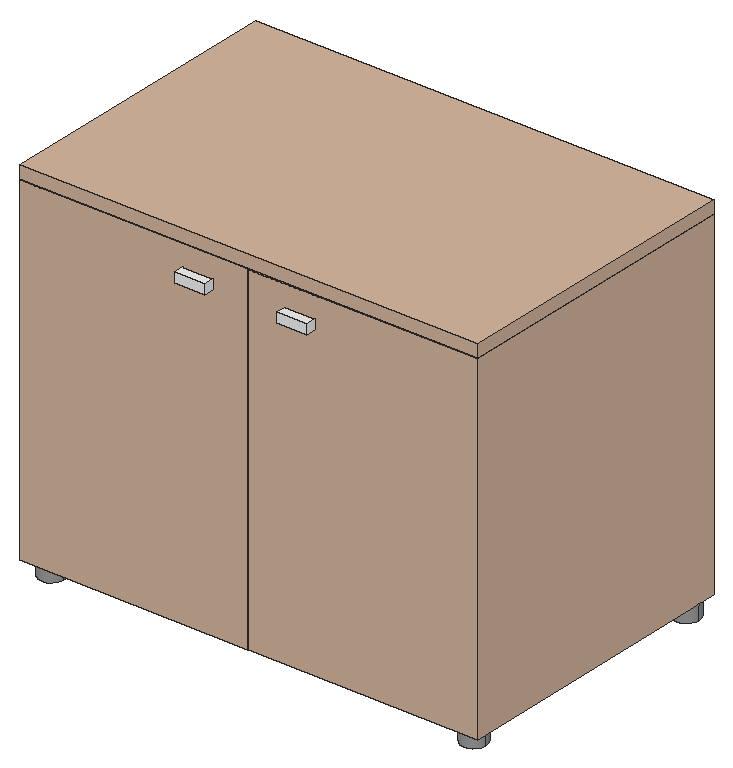
Revit family "Тумба приставная 2-дверная Юнитекс ПФ", category Оборудование, Revit 2017
Family settings
  Размер круглого соединителя = Использовать диаметр
  Тип детали = Нормальный
  На основе рабочей плоскости = Нет
  Всегда вертикально = Да
  При загрузке вырезать с полостями = Нет
  Общий = Нет
  Точка расчета площади = Нет
Parameters (values of type "Тип")
  Общ_Ширина = 930.0 mm
  Общ_Тип, марка = "ПФ 204"
  Общ_Примечание = ""
  Общ_Поставщик = "Юнитекс"
  Общ_Позиция = ""
  Общ_Наименование = "Тумба приставная 2-дверная"
  Общ_Масса = ""
  Общ_Код продукции = ""
  Общ_Единицы измерения = "шт."
  Общ_Глубина = 600.0 mm
  Общ_Высота = 750.0 mm
  Keynote = ""
  Изготовитель = "Severin"
  Model = ""
Reference planes
  plane 1 "По центру (Вперед/Назад)": y = 0
  plane 2: z = 0
  plane 3 "По центру (Влево/Вправо)": x = 0
  plane 4: z = 750
  plane 5: z = 725
  plane 6: x = -465
  plane 7: x = 465
  plane 8: y = 300
  plane 9: y = -300
Forms (mm)
  Extrusion 1, solid, material "Дуб", detail levels fine
    sketch origin (0, 0, 0) x (1, 0, 0) y (0, 1, 0)
      loop
        line (-465, 300) -> (-465, -300) -> (465, -300) -> (465, 300) -> (-465, 300)
    from 30 to 750
  Sweep 2, void
    path in 3D
      loop
        line (465, 300, 750) -> (-465, 300, 750) -> (-465, -300, 750) -> (465, -300, 750) -> (465, 300, 750)
    profile origin (465, 0, 750) x (-1, 0, 0) y (0, 0, 1)
      loop
        line (0, -25) -> (0, -27) -> (5, -27) -> (5, -25) -> (0, -25)
  Extrusion 3, void
    sketch origin (-625, -300, 1200) x (1, 0, 0) y (0, 0, 1)
      loop
        line (624, -1170) -> (626, -1170) -> (626, -477) -> (624, -477) -> (624, -1170)
    from 0 to -5
  Extrusion 4, solid, material "Пластмасса, непрозрачная, черная", detail levels fine
    sketch origin (0, 0, 0) x (1, 0, 0) y (0, 1, 0)
      loop
        circle (-429.645, 264.645) r 25
      loop
        circle (-429.645, -264.645) r 25
      loop
        circle (440.573, 263.066) r 25
      loop
        circle (429.645, -264.645) r 25
    from 0 to 30
  Extrusion 5, solid, material "Сталь, хромированная", detail levels fine
    sketch origin (-625, -300, 1200) x (-1, 0, 0) y (0, 0, 1)
      loop
        line (-491.082, -520.189) -> (-551.082, -520.189) -> (-551.082, -540.189) -> (-491.082, -540.189) -> (-491.082, -520.189)
      loop
        line (-758.918, -520.189) -> (-758.918, -540.189) -> (-698.918, -540.189) -> (-698.918, -520.189) -> (-758.918, -520.189)
    from 0 to -20
Cuts and joins
  Sweep 2, Extrusion 3 cuts Extrusion 1
Lines and regions (mm)
  sketch lines
    curve 1: line (465, -300, 750) -> (465, 300, 750)
    curve 2: line (465, 300, 750) -> (-465, 300, 750)
    curve 3: line (-465, 300, 750) -> (-465, -300, 750)
    curve 4: line (-465, -300, 750) -> (465, -300, 750)
  symbolic lines, detail levels coarse+medium
    curve 5: line (-465, 300, 0) -> (465, 300, 0)
    curve 6: line (-465, -300, 0) -> (-465, 300, 0)
    curve 7: line (465, -300, 0) -> (-465, -300, 0)
    curve 8: line (465, 300, 0) -> (465, -300, 0)
    curve 9: line (-465, -300, 0) -> (0, 300, 0)
    curve 10: line (465, -300, 0) -> (0, 300, 0)
Dimensions and locks
  "Общ_Высота": plane 4 to plane 2
  locked: plane 4 to plane 5 at 25
  aligned and locked: level to plane 2
Automatic sketch dimensions
  Extrusion 1 sketch curve to plane 6 = 0.0 mm
  Extrusion 1 sketch curve to plane 7 = 0.0 mm
  Extrusion 1 sketch curve to plane 9 = 0.0 mm
  Extrusion 1 sketch curve to plane 8 = 0.0 mm
  Sweep 2 sketch curve to profile plane = 0.0 mm
  Sweep 2 sketch curve to profile plane = 5.0 mm
  Sweep 2 sketch curve to profile plane = 27.0 mm
  Sweep 2 sketch curve to Sweep 2 sketch curve = 2.0 mm
  Extrusion 3 sketch curve to plane 3 "По центру (Влево/Вправо)" = 1.0 mm
  Extrusion 3 sketch curve to Extrusion 3 sketch curve = 2.0 mm
  Extrusion 3 sketch curve to plane 5 = 2.0 mm
  level to Extrusion 3 sketch curve = 30.0 mm
  plane 6 to Extrusion 4 sketch curve = 35.355 mm  (x2)
  Extrusion 4 sketch curve to plane 7 = 35.355 mm
  Extrusion 4 sketch curve to plane 7 = 24.427 mm
  plane 9 to Extrusion 4 sketch curve = 35.355 mm  (x2)
  Extrusion 4 sketch curve to plane 8 = 36.934 mm
  Extrusion 4 sketch curve to plane 8 = 35.355 mm
  Extrusion 5 sketch curve to plane 5 = 65.189 mm  (x2)
  plane 3 "По центру (Влево/Вправо)" to Extrusion 5 sketch curve = 133.918 mm
  Extrusion 5 sketch curve to Extrusion 5 sketch curve = 60.0 mm  (x2)
  Extrusion 5 sketch curve to plane 3 "По центру (Влево/Вправо)" = 73.918 mm
  Extrusion 5 sketch curve to Extrusion 5 sketch curve = 20.0 mm  (x2)
  curve 7 to plane 6 = 0.0 mm
  curve 9 to plane 3 "По центру (Влево/Вправо)" = 0.0 mm
  curve 7 to plane 7 = 0.0 mm
  curve 7 to plane 9 = 0.0 mm
  curve 6 to plane 8 = 0.0 mm
  radius of Extrusion 4 sketch curve = 25.0 mm  (x4)
